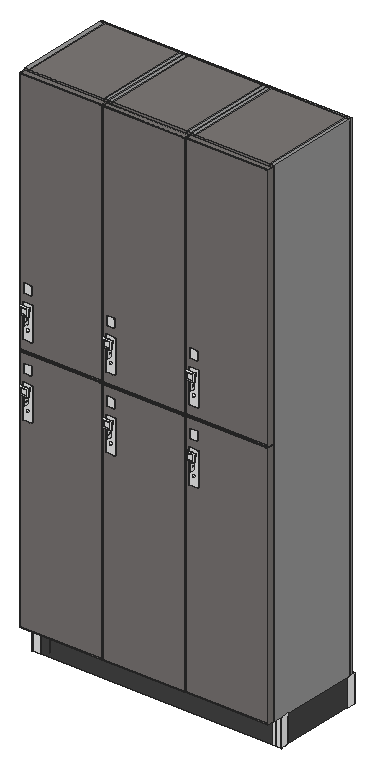
Revit family "Wood_Lockers_Hasps-Salsbury_Industries-42000_Series-3_Wide_Units.rfa", category Specialty Equipment, Revit 2016 (continued)
Definition of nested family "Premier Locker Doors_Hasp"
  Lines and regions (in)
    symbolic lines
      curve 35: arc (-5.5625, -1.125, 33.5625) -> (-5.52589, -1.125, 33.47411) -> (-5.4375, -1.125, 33.4375) r 0.125
      curve 36: line (-4.1875, -1.125, 33.4375) -> (-5.4375, -1.125, 33.4375)
      curve 37: arc (-4.6245, -1.125, 36.6245) -> (-4.8125, -1.125, 36.8125) -> (-5.0005, -1.125, 36.6245) r 0.188
      curve 38: arc (-5.0005, -1.125, 35.7505) -> (-4.8125, -1.125, 35.5625) -> (-4.6245, -1.125, 35.7505) r 0.188
      curve 39: line (-4.6245, -1.125, 36.6245) -> (-4.6245, -1.125, 35.7505)
      curve 40: line (-5.0005, -1.125, 35.7505) -> (-5.0005, -1.125, 36.6245)
      curve 41: line (-4.1875, -1.125, 36.9375) -> (-5.4375, -1.125, 36.9375)
      curve 42: line (-4.1875, -1.125, 38.1875) -> (-4.1875, -1.125, 36.9375)
      curve 43: line (-5.4375, -1.125, 36.9375) -> (-5.4375, -1.125, 38.1875)
      curve 44: line (-5.4375, -1.125, 38.1875) -> (-4.1875, -1.125, 38.1875)
      curve 45: line (-4.8755, -1.125, 36.6844) -> (-4.7495, -1.125, 36.6844)
      curve 46: line (-4.7495, -1.125, 36.6844) -> (-4.7495, -1.125, 35.6844)
      curve 47: line (-4.8755, -1.125, 35.6844) -> (-4.8755, -1.125, 36.6844)
      curve 48: line (-4.7495, -1.125, 35.6844) -> (-4.8755, -1.125, 35.6844)
      curve 49: line (-4.8125, -1, 36.6844) -> (-4.8125, -0.375, 36.6844)
      curve 50: line (-4.8125, -1, 35.6844) -> (-4.8125, -1, 36.6844)
      curve 51: line (-4.8125, -0.375, 35.6844) -> (-4.8125, -1, 35.6844)
      curve 52: arc (-4.8125, -0.91637, 36.1844) -> (-4.8125, -0.66637, 36.4344) -> (-4.8125, -0.41637, 36.1844) r 0.25
      curve 53: arc (-4.8125, -0.41637, 36.1844) -> (-4.8125, -0.66637, 35.9344) -> (-4.8125, -0.91637, 36.1844) r 0.25
      curve 54: line (-4.8125, -0.375, 37.31817) -> (-4.8125, -0.61642, 37.31817)
      curve 55: arc (-4.8125, -0.77297, 37.19215) -> (-4.8125, -0.71691, 37.28275) -> (-4.8125, -0.61642, 37.31817) r 0.16024
      curve 56: arc (-4.8125, -0.97289, 36.9375) -> (-4.8125, -0.84441, 37.04244) -> (-4.8125, -0.77297, 37.19215) r 0.37946
      curve 57: spline (-4.8125, -1.121, 37.15954) -> (-4.8125, -1.11621, 37.12873) -> (-4.8125, -1.10963, 37.09911) -> (-4.8125, -1.10135, 37.07107) -> (-4.8125, -1.09147, 37.04495) -> (-4.8125, -1.0801, 37.02108) -> (-4.8125, -1.0674, 36.99975) -> (-4.8125, -1.05352, 36.98123) -> (-4.8125, -1.03864, 36.96575) -> (-4.8125, -1.02293, 36.95351) -> (-4.8125, -1.0066, 36.94465) -> (-4.8125, -0.98985, 36.93929) -> (-4.8125, -0.97289, 36.9375)
      curve 58: line (-4.8125, -1.125, 37.15954) -> (-4.8125, -1.125, 37.96546)
      curve 59: spline (-4.8125, -1.121, 37.96546) -> (-4.8125, -1.11621, 37.99627) -> (-4.8125, -1.10963, 38.02589) -> (-4.8125, -1.10135, 38.05393) -> (-4.8125, -1.09147, 38.08005) -> (-4.8125, -1.0801, 38.10392) -> (-4.8125, -1.0674, 38.12525) -> (-4.8125, -1.05352, 38.14377) -> (-4.8125, -1.03864, 38.15925) -> (-4.8125, -1.02293, 38.17149) -> (-4.8125, -1.0066, 38.18035) -> (-4.8125, -0.98985, 38.18571) -> (-4.8125, -0.97289, 38.1875)
      curve 60: arc (-4.8125, -0.97289, 38.1875) -> (-4.8125, -0.84441, 38.08256) -> (-4.8125, -0.77297, 37.93285) r 0.37946
      curve 61: arc (-4.8125, -0.77297, 37.93285) -> (-4.8125, -0.71691, 37.84225) -> (-4.8125, -0.61642, 37.80683) r 0.16024
      curve 62: line (-4.8125, -0.61642, 37.80683) -> (-4.8125, -0.375, 37.80683)
      curve 63: line (-5.05683, -0.61642, 71.625) -> (-5.05683, -0.375, 71.625)
      curve 64: arc (-5.18285, -0.77297, 71.625) -> (-5.09225, -0.71691, 71.625) -> (-5.05683, -0.61642, 71.625) r 0.16024
      curve 65: arc (-5.4375, -0.97289, 71.625) -> (-5.33256, -0.84441, 71.625) -> (-5.18285, -0.77297, 71.625) r 0.37946
      curve 66: line (-4.40954, -1.125, 71.625) -> (-5.21546, -1.125, 71.625)
      curve 67: spline (-4.40954, -1.121, 71.625) -> (-4.37873, -1.11621, 71.625) -> (-4.34911, -1.10963, 71.625) -> (-4.32107, -1.10135, 71.625) -> (-4.29495, -1.09147, 71.625) -> (-4.27108, -1.0801, 71.625) -> (-4.24975, -1.0674, 71.625) -> (-4.23123, -1.05352, 71.625) -> (-4.21575, -1.03864, 71.625) -> (-4.20351, -1.02293, 71.625) -> (-4.19465, -1.0066, 71.625) -> (-4.18929, -0.98985, 71.625) -> (-4.1875, -0.97289, 71.625)
      curve 68: arc (-4.1875, -0.97289, 71.625) -> (-4.29244, -0.84441, 71.625) -> (-4.44215, -0.77297, 71.625) r 0.37946
      curve 69: arc (-4.44215, -0.77297, 71.625) -> (-4.53275, -0.71691, 71.625) -> (-4.56817, -0.61642, 71.625) r 0.16024
      curve 70: line (-4.56817, -0.375, 71.625) -> (-4.56817, -0.61642, 71.625)
      curve 71: spline (-5.21546, -1.121, 71.625) -> (-5.24627, -1.11621, 71.625) -> (-5.27589, -1.10963, 71.625) -> (-5.30393, -1.10135, 71.625) -> (-5.33005, -1.09147, 71.625) -> (-5.35392, -1.0801, 71.625) -> (-5.37525, -1.0674, 71.625) -> (-5.39377, -1.05352, 71.625) -> (-5.40925, -1.03864, 71.625) -> (-5.42149, -1.02293, 71.625) -> (-5.43035, -1.0066, 71.625) -> (-5.43571, -0.98985, 71.625) -> (-5.4375, -0.97289, 71.625)
    reference lines
      curve 72: line (-5.9375, 0, 71.75) -> (5.3435, 0, 71.75)
      curve 73: line (5.3435, 0, 71.75) -> (-5.9375, 0, 71.75)
  Dimensions and locks (in)
    equal spacing: plane 4 "Left Side of Door", plane 3 "Center (Left/Right)", plane 5 "Right Side of Door"
    "Width": plane 4 "Left Side of Door" to plane 5 "Right Side of Door"
    equal spacing: plane 7 "Front of Door", plane 1 "Center (Front/Back)", plane 6 "Back of Door"
    "Depth": plane 7 "Front of Door" to plane 6 "Back of Door"
    equal spacing: plane 9 "Top of Door", plane 10 "Center of Door", plane 8 "Bottom of Door"
    "Height": plane 9 "Top of Door" to plane 8 "Bottom of Door"
    equal spacing: plane 11 "Top of Number Tag", plane 16 "Center of Number Tag", plane 12 "Bottom of Number Tag"
    "Number Tag Height": plane 11 "Top of Number Tag" to plane 12 "Bottom of Number Tag"
    equal spacing: plane 14 "Right Side of Number Tag", plane 15 "Horizontal Center of Number Tag", plane 13 "Left Side of Number Tag"
    "Number Tag Width": plane 14 "Right Side of Number Tag" to plane 13 "Left Side of Number Tag"
    "Number Tag-Horizontal Offset": plane 15 "Horizontal Center of Number Tag" to plane 5 "Right Side of Door"
    "Number Tag-Vertical Offset": plane 9 "Top of Door" to plane 16 "Center of Number Tag"
    "Lock Horizontal Offset": plane 4 "Left Side of Door" to plane 17 "Left Side of Lock"
    equal spacing: plane 20 "Top of Lock", plane 19 "Lock Vertical Center", plane 21 "Bottom of Lock"
    "Lock Height": plane 20 "Top of Lock" to plane 21 "Bottom of Lock"
    "Lock Vertical Offset": plane 9 "Top of Door" to plane 19 "Lock Vertical Center"
    plane 22 "Front of Hasp Stud" to plane 7 "Front of Door" = 0.125"
    locked: plane 24 "Right Side of Door-Left Side of Trim" to plane 5 "Right Side of Door" at 0.125
    locked: plane 4 "Left Side of Door" to plane 23 "Left Side of Door-Right Side of Trim" at 0.125
    locked: plane 9 "Top of Door" to plane 25 "Top of Door-Bottom of Trim" at 0.125
    plane 26 "Bottom of Door-Top of Trim" to plane 8 "Bottom of Door" = 0.125"
    plane 28 "Melamine-Particleboard Line" to plane 6 "Back of Door" = 0.031"
    plane 7 "Front of Door" to plane 27 "Laminate-Particleboard Line" = 0.031"
    plane 27 "Laminate-Particleboard Line" to plane 29 "Back of Number Plate Inset" = 0.031"
    equal spacing: plane 18 "Right Side of Lock", plane 30 "Center of Lock", plane 17 "Left Side of Lock", locked at 0.75 each
    "Lock Width": plane 18 "Right Side of Lock" to plane 17 "Left Side of Lock"
    plane 22 "Front of Hasp Stud" to plane 31 = 0.312"
    plane 6 "Back of Door" to plane 32 "Door Stopper Plane" = 0.250"
    locked: plane 23 "Left Side of Door-Right Side of Trim" to plane 33 at 0.325
    locked: plane 25 "Top of Door-Bottom of Trim" to plane 34 at 0.325
    locked: plane 9 "Top of Door" to plane 35 "Top Hinge" at 3
    plane 36 to plane 5 "Right Side of Door" = 0.625"
    plane 6 "Back of Door" to plane 28 "Melamine-Particleboard Line" = 0.031"
    plane 9 "Top of Door" to plane 25 "Top of Door-Bottom of Trim" = 0.125"
    plane 7 "Front of Door" to plane 38 "Inner Knob" = 0.719"
    locked: plane 38 "Inner Knob" to plane 39 "Front of Knob" at 0.031
    locked: plane 40 to plane 20 "Top of Lock" at 1.125
    locked: plane 21 "Bottom of Lock" to plane 41 at 1.125
    locked: plane 20 "Top of Lock" to plane 42 at 0.125
    locked: plane 18 "Right Side of Lock" to plane 43 at 0.125
    locked: plane 44 to plane 17 "Left Side of Lock" at 0.125
    plane 42 to plane 45 = 1.250"
    locked: plane 45 to plane 46 "Top of Hole" at 0.125
    plane 48 to plane 30 "Center of Lock" to plane 47 = 0.188" locked, 0.188" locked
    locked: plane 46 "Top of Hole" to plane 49 "Bottom of Hole" at 1.25
    plane 49 "Bottom of Hole" to plane 50 "Stud Alignment" = 0.750"
    locked: plane 42 to plane 51 "Center of Handle" at 0.625
    plane 52 to plane 51 "Center of Handle" to plane 53 = 0.188" locked, 0.188" locked
    plane 7 "Front of Door" to plane 39 "Front of Knob" = 0.750"
    locked: plane 42 to plane 54 at 0.22204
    locked: plane 55 to plane 45 at 0.22204
    locked: plane 7 "Front of Door" to plane 56 "Front of Latch" at 0.625
    locked: plane 57 to plane 58 at 1
    locked: plane 46 "Top of Hole" to plane 57 at 0.1281
    equal spacing: plane 58, plane 59, plane 57
    locked: plane 60 to plane 5 "Right Side of Door" at 0.594
    locked: plane 57 to plane 61 at 0.0599
    locked: plane 62 to plane 58 at 0.06376
    plane 12 "Bottom of Number Tag" to plane 20 "Top of Lock" = 1.1875"
    aligned and locked: level to plane 2
    aligned and locked: Extrusion 5 to plane 11 "Top of Number Tag"
    aligned and locked: plane 12 "Bottom of Number Tag" to Extrusion 5
    aligned and locked: Extrusion 5 to plane 14 "Right Side of Number Tag"
    aligned and locked: Extrusion 5 to plane 13 "Left Side of Number Tag"
    aligned and locked: plane 29 "Back of Number Plate Inset" to Extrusion 5
    aligned and locked: plane 7 "Front of Door" to Extrusion 5
    aligned and locked: plane 29 "Back of Number Plate Inset" to Extrusion 6
    aligned and locked: plane 7 "Front of Door" to Extrusion 6
    aligned and locked: Extrusion 6 to plane 14 "Right Side of Number Tag"
    aligned and locked: Extrusion 6 to plane 13 "Left Side of Number Tag"
    aligned and locked: Extrusion 6 to plane 11 "Top of Number Tag"
    aligned and locked: plane 12 "Bottom of Number Tag" to Extrusion 6
    aligned and locked: curve 9 to Extrusion 8
    aligned and locked: curve 10 to Extrusion 8
    aligned and locked: curve 11 to Extrusion 8
    aligned and locked: Extrusion 7 to curve 12
    aligned and locked: curve 14 to Extrusion 7
    aligned and locked: curve 16 to plane 7 "Front of Door"
    aligned and locked: curve 19 to Extrusion 8  (x2)
    aligned and locked: curve 21 to Extrusion 8
    aligned and locked: curve 18 to curve 22
    aligned and locked: curve 22 to Extrusion 9  (x2)
    aligned and locked: curve 24 to Extrusion 9
    aligned and locked: curve 25 to Extrusion 10
    aligned and locked: curve 26 to Extrusion 10
    aligned and locked: curve 27 to Extrusion 10
    aligned and locked: plane 20 "Top of Lock" to Extrusion 11 sketch curve
    aligned and locked: Extrusion 11 sketch curve to plane 21 "Bottom of Lock"
    aligned and locked: Extrusion 11 to plane 29 "Back of Number Plate Inset"
    aligned and locked: plane 7 "Front of Door" to Extrusion 11
    aligned and locked: Extrusion 3 to Extrusion 11
    aligned and locked: plane 50 "Stud Alignment" to Sweep 14  (x2)
    aligned and locked: Extrusion 15 to plane 7 "Front of Door"
    aligned and locked: Extrusion 15 to plane 22 "Front of Hasp Stud"
    aligned and locked: plane 50 "Stud Alignment" to Extrusion 15
    aligned and locked: Blend 17 to plane 39 "Front of Knob"
    aligned and locked: plane 38 "Inner Knob" to Blend 17
    aligned and locked: plane 6 "Back of Door" to Extrusion 18 sketch curve
    aligned and locked: plane 56 "Front of Latch" to Extrusion 18 sketch curve
    aligned and locked: Extrusion 18 to plane 57
    aligned and locked: plane 58 to Extrusion 18
    aligned and locked: plane 59 to cut or joined group of Extrusion 18, Extrusion 19
    aligned and locked: plane 61 to Extrusion 13 sketch curve  (x2)
    aligned and locked: plane 62 to Extrusion 13 sketch curve  (x2)
  Automatic sketch dimensions
    Extrusion 1 sketch curve to plane 4 "Left Side of Door" = 0.031"
    plane 5 "Right Side of Door" to Extrusion 1 sketch curve = 0.031"
    level to Extrusion 1 sketch curve = 0.031"
    plane 9 "Top of Door" to Extrusion 1 sketch curve = 0.031"
    Extrusion 2 sketch curve to plane 4 "Left Side of Door" = 0.031"
    plane 5 "Right Side of Door" to Extrusion 2 sketch curve = 0.031"
    level to Extrusion 2 sketch curve = 0.031"
    plane 9 "Top of Door" to Extrusion 2 sketch curve = 0.031"
    Extrusion 3 sketch curve to plane 4 "Left Side of Door" = 0.031"
    plane 5 "Right Side of Door" to Extrusion 3 sketch curve = 0.031"
    level to Extrusion 3 sketch curve = 0.031"
    plane 9 "Top of Door" to Extrusion 3 sketch curve = 0.031"
    plane 23 "Left Side of Door-Right Side of Trim" to Sweep 4 sketch curve = 0.000"
    plane 24 "Right Side of Door-Left Side of Trim" to Sweep 4 sketch curve = 0.000"  (x2)
    Sweep 4 sketch curve to plane 26 "Bottom of Door-Top of Trim" = 0.000"
    Sweep 4 sketch curve to plane 25 "Top of Door-Bottom of Trim" = 0.000"
    profile plane to Sweep 4 sketch curve = 0.125"
    Sweep 4 sketch curve to Sweep 4 sketch curve = 0.031"
    Sweep 4 sketch curve to plane 1 "Center (Front/Back)" = 0.375"
    plane 1 "Center (Front/Back)" to Sweep 4 sketch curve = 0.375"
    Extrusion 7 sketch curve to plane 33 = 0.000"
    Extrusion 7 sketch curve to plane 34 = 0.000"
    plane 36 to Extrusion 8 sketch curve = 0.000"
    Extrusion 8 sketch curve to Extrusion 8 sketch curve = 0.500"
    plane 35 "Top Hinge" to Extrusion 8 sketch curve = 0.250"
    Extrusion 8 sketch curve to plane 35 "Top Hinge" = 0.250"
    plane 36 to Extrusion 9 sketch curve = 0.000"
    Extrusion 9 sketch curve to Extrusion 9 sketch curve = 0.500"
    plane 37 "Bottom Hinge" to Extrusion 9 sketch curve = 0.250"
    Extrusion 9 sketch curve to plane 37 "Bottom Hinge" = 0.250"
    plane 36 to Extrusion 10 sketch curve = 0.000"
    Extrusion 10 sketch curve to Extrusion 10 sketch curve = 0.500"
    curve 4 to level = 0.000"
    plane 4 "Left Side of Door" to curve 4 = 0.000"
    plane 5 "Right Side of Door" to curve 3 = 0.000"
    curve 3 to plane 9 "Top of Door" = 0.000"
    Extrusion 5 sketch curve to plane 13 "Left Side of Number Tag" = 0.000"
    Extrusion 5 sketch curve to plane 12 "Bottom of Number Tag" = 0.000"
    Extrusion 5 sketch curve to plane 11 "Top of Number Tag" = 0.000"
    Extrusion 5 sketch curve to plane 14 "Right Side of Number Tag" = 0.000"
    Extrusion 6 sketch curve to plane 13 "Left Side of Number Tag" = 0.000"
    Extrusion 6 sketch curve to plane 12 "Bottom of Number Tag" = 0.000"
    Extrusion 6 sketch curve to plane 11 "Top of Number Tag" = 0.000"
    Extrusion 6 sketch curve to plane 14 "Right Side of Number Tag" = 0.000"
    Extrusion 11 sketch curve to plane 13 "Left Side of Number Tag" = 0.125"
    Extrusion 10 sketch curve to plane 10 "Center of Door" = 0.250"
    plane 10 "Center of Door" to Extrusion 10 sketch curve = 0.250"
    Extrusion 11 sketch curve to plane 21 "Bottom of Lock" = 0.125"
    plane 13 "Left Side of Number Tag" to Extrusion 5 sketch curve = 0.14916"
    Extrusion 5 sketch curve to Extrusion 5 sketch curve = 0.14916"  (x2)
    plane 13 "Left Side of Number Tag" to Extrusion 6 sketch curve = 0.14916"
    Extrusion 6 sketch curve to plane 12 "Bottom of Number Tag" = 0.14916"
    plane 13 "Left Side of Number Tag" to Extrusion 11 sketch curve = 0.000"  (x2)
    Extrusion 5 sketch curve to plane 12 "Bottom of Number Tag" = 0.14916"
    Extrusion 6 sketch curve to plane 14 "Right Side of Number Tag" = 0.14916"  (x2)
    plane 14 "Right Side of Number Tag" to Extrusion 11 sketch curve = 0.000"  (x2)
    Extrusion 12 sketch curve to plane 17 "Left Side of Lock" = 0.000"
    plane 13 "Left Side of Number Tag" to Extrusion 12 sketch curve = 0.000"  (x2)
    plane 14 "Right Side of Number Tag" to Extrusion 12 sketch curve = 0.000"  (x2)
    Extrusion 12 sketch curve to plane 20 "Top of Lock" = 0.000"
    Extrusion 12 sketch curve to plane 18 "Right Side of Lock" = 0.000"
    Extrusion 12 sketch curve to plane 21 "Bottom of Lock" = 0.125"
    plane 15 "Horizontal Center of Number Tag" to Sweep 14 sketch curve = 0.000"
    Sweep 14 sketch curve to plane 50 "Stud Alignment" = 0.000"
    Sweep 14 sketch curve to plane 7 "Front of Door" = 0.000"
    Sweep 14 sketch curve to profile plane = 0.000"
    profile plane to Sweep 14 sketch curve = 0.00168"
    profile plane to Sweep 14 sketch curve = 0.156"
    Sweep 14 sketch curve to plane 7 "Front of Door" = 0.03275"
    Extrusion 15 sketch curve to Extrusion 15 sketch curve = 0.000"  (x2)
    Extrusion 15 sketch curve to plane 50 "Stud Alignment" = 0.000"
    plane 15 "Horizontal Center of Number Tag" to Extrusion 15 sketch curve = 0.000"
    plane 15 "Horizontal Center of Number Tag" to Extrusion 15 sketch curve = 0.010"
    plane 13 "Left Side of Number Tag" to Sweep 16 sketch curve = 0.000"
    plane 14 "Right Side of Number Tag" to Sweep 16 sketch curve = 0.000"
    Sweep 16 sketch curve to plane 45 = 0.000"
    Sweep 16 sketch curve to plane 42 = 0.000"
    Sweep 16 sketch curve to plane 7 "Front of Door" = 0.000"
    profile plane to Sweep 16 sketch curve = 0.000"
    profile plane to Sweep 16 sketch curve = 0.22043"
    Sweep 16 sketch curve to Sweep 16 sketch curve = 0.01681"
    profile plane to Sweep 16 sketch curve = 0.33926"
    Sweep 16 sketch curve to Sweep 16 sketch curve = 0.14344"
    Sweep 16 sketch curve to Sweep 16 sketch curve = 0.15329"
    Sweep 16 sketch curve to Sweep 16 sketch curve = 0.59563"
    Sweep 16 sketch curve to Sweep 16 sketch curve = 0.24142"
    Sweep 16 sketch curve to Sweep 16 sketch curve = 0.00858"
    Sweep 16 sketch curve to Sweep 16 sketch curve = 0.51788"
    Sweep 16 sketch curve to Sweep 16 sketch curve = 0.31119"
    Sweep 16 sketch curve to Sweep 16 sketch curve = 0.11721"
    Sweep 16 sketch curve to Sweep 16 sketch curve = 0.01742"
    Sweep 16 sketch curve to Sweep 16 sketch curve = 0.06553"
    Sweep 16 sketch curve to Sweep 16 sketch curve = 0.000"
    Blend 17 sketch curve to plane 54 = 0.000"
    Blend 17 sketch curve to plane 55 = 0.000"
    Blend 17 sketch curve to plane 47 = 0.21496"
    plane 48 to Blend 17 sketch curve = 0.21496"
    plane 54 to Blend 17 sketch curve = 0.03267"
    Blend 17 sketch curve to plane 40 = 0.00461"
    Blend 17 sketch curve to plane 47 = 0.18235"
    plane 48 to Blend 17 sketch curve = 0.18227"
    Extrusion 18 sketch curve to plane 57 = 0.000"
    Extrusion 18 sketch curve to plane 58 = 0.000"
    plane 59 to Extrusion 19 sketch curve = 0.000"
    Extrusion 19 sketch curve to plane 22 "Front of Hasp Stud" = 0.16637"
    curve 29 to plane 14 "Right Side of Number Tag" = 0.000"
    curve 29 to plane 20 "Top of Lock" = 0.000"
    curve 30 to plane 18 "Right Side of Lock" = 0.000"
    curve 29 to plane 13 "Left Side of Number Tag" = 0.000"
    curve 31 to plane 42 = 0.000"
    curve 32 to plane 21 "Bottom of Lock" = 0.125"
    curve 34 to plane 14 "Right Side of Number Tag" = 0.000"
    curve 35 to plane 13 "Left Side of Number Tag" = 0.000"
    plane 15 "Horizontal Center of Number Tag" to curve 37 = 0.000"
    plane 47 to curve 37 = 0.000"
    plane 57 to curve 37 = 0.0599"
    curve 39 to plane 58 = 0.0661"
    curve 42 to plane 14 "Right Side of Number Tag" = 0.000"
    curve 41 to plane 13 "Left Side of Number Tag" = 0.000"
    curve 41 to plane 45 = 0.000"
    curve 43 to plane 42 = 0.000"
    curve 46 to plane 57 = 0.000"
    curve 46 to plane 15 "Horizontal Center of Number Tag" = 0.063"
    plane 15 "Horizontal Center of Number Tag" to curve 45 = 0.063"
    curve 47 to plane 58 = 0.000"
    curve 15 to plane 6 "Back of Door" = 0.000"
    plane 9 "Top of Door" to curve 15 = 0.000"
    plane 57 to curve 49 = 0.000"
    curve 51 to plane 56 "Front of Latch" = 0.000"
    plane 58 to curve 51 = 0.000"
    curve 17 to level = 0.000"
    plane 59 to curve 52 = 0.000"
    curve 53 to plane 22 "Front of Hasp Stud" = 0.16637"
    plane 7 "Front of Door" to curve 53 = 0.04137"
    plane 53 to curve 54 = 0.05633"
    curve 54 to plane 22 "Front of Hasp Stud" = 0.11642"
    plane 55 to curve 55 = 0.00161"
    curve 55 to plane 40 = 0.00465"
    plane 45 to curve 56 = 0.000"
    curve 56 to plane 39 "Front of Knob" = 0.01788"
    curve 56 to plane 40 = 0.08926"
    plane 55 to curve 57 = 0.000"
    curve 57 to plane 40 = 0.03757"
    plane 39 "Front of Knob" to curve 57 = 0.004"
    plane 42 to curve 60 = 0.000"
    curve 58 to plane 39 "Front of Knob" = 0.000"
    plane 54 to curve 58 = 0.000"
    plane 54 to curve 59 = 0.000"
    plane 55 to curve 58 = 0.000"
    curve 60 to plane 39 "Front of Knob" = 0.01788"
    curve 60 to plane 52 = 0.09774"
    plane 54 to curve 60 = 0.03261"
    plane 56 "Front of Latch" to curve 59 = 0.02711"
    plane 54 to curve 59 = 0.06553"
    plane 39 "Front of Knob" to curve 59 = 0.004"
    curve 61 to plane 54 = 0.00161"
    curve 61 to plane 22 "Front of Hasp Stud" = 0.11642"
    plane 6 "Back of Door" to curve 9 = 0.000"
    curve 6 to plane 4 "Left Side of Door" = 0.000"
    plane 7 "Front of Door" to curve 6 = 0.000"
    plane 7 "Front of Door" to curve 28 = 0.000"
    curve 67 to plane 14 "Right Side of Number Tag" = 0.000"
    curve 65 to plane 13 "Left Side of Number Tag" = 0.000"
    curve 66 to plane 39 "Front of Knob" = 0.000"
    curve 28 to plane 17 "Left Side of Lock" = 0.000"
    curve 28 to plane 18 "Right Side of Lock" = 0.000"
    curve 8 to plane 5 "Right Side of Door" = 0.000"
    curve 64 to plane 22 "Front of Hasp Stud" = 0.11642"
    curve 69 to plane 22 "Front of Hasp Stud" = 0.11642"
    curve 68 to plane 39 "Front of Knob" = 0.01788"
    curve 65 to plane 39 "Front of Knob" = 0.01788"
    curve 14 to plane 23 "Left Side of Door-Right Side of Trim" = 0.07537"
    plane 48 to curve 64 = 0.21657"
    plane 48 to curve 65 = 0.09774"
    plane 48 to curve 63 = 0.05633"
    curve 70 to plane 47 = 0.05633"
    curve 68 to plane 47 = 0.09774"
    curve 69 to curve 69 = 0.16024"
    curve 64 to curve 65 = 0.15655"
    curve 69 to curve 68 = 0.15655"
    plane 39 "Front of Knob" to curve 67 = 0.004"
    plane 33 to curve 14 = 0.250"
    curve 66 to curve 65 = 0.11721"
    curve 67 to plane 47 = 0.14943"
    curve 68 to curve 66 = 0.11721"
    curve 67 to curve 66 = 0.000"
    plane 39 "Front of Knob" to curve 71 = 0.004"
    curve 71 to curve 66 = 0.000"
    plane 48 to curve 71 = 0.14943"
    plane 1 "Center (Front/Back)" to curve 73 = 0.000"
    curve 73 to plane 4 "Left Side of Door" = 0.000"
    curve 73 to plane 60 = 0.000"
    plane 48 to Extrusion 13 sketch curve = 0.000"
    plane 15 "Horizontal Center of Number Tag" to Extrusion 13 sketch curve = 0.000"
    radius of Extrusion 7 sketch curve = 0.250"
    radius of Sweep 14 sketch curve = 0.010"
    radius of Extrusion 19 sketch curve = 0.250"
Definition of nested family "Wood Locker Bases"
  Parameters (values of type "Base - 36" W x 15" D Lockers")
    Width = 36.000"
    Visible Base = yes
    Visible = yes
    Model = "Base - 36\" W x 15\" D Lockers"
    Manufacturer = "Salsbury Industries"
    Height = 4.000"
    Depth = 13.250"
    Base Secondary Material = none
    Base Primary Materials = none
    Base Hardware = none
  Types (14): name | Width | Visible Base | Visible | Model | Depth
    (no name) | 36.000" | yes | yes | "Base - 36\" W x 15\" D Lockers" | 13.250"
    Base - 12" W x 15" D Lockers | 12.000" | yes | no | "Base - 12\" W x 15\" D Lockers" | 13.250"
    Base - 12" W x 18" D Lockers | 12.000" | yes | no | "Base - 12\" W x 18\" D Lockers" | 16.250"
    Base - 12" W x 21" D Lockers | 12.000" | yes | no | "Base - 12\" W x 21\" D Lockers" | 19.250"
    Base - 36" W x 15" D Lockers | 36.000" | yes | yes | "Base - 36\" W x 15\" D Lockers" | 13.250"
    Base - 36" W x 18" D Lockers | 36.000" | yes | yes | "Base - 36\" W x 18\" D Lockers" | 16.250"
    Base - 36" W x 21" D Lockers | 36.000" | yes | yes | "Base - 36\" W x 21\" D Lockers" | 19.250"
    Base - 15" W x 18" D Lockers | 15.000" | yes | no | "Base - 15\" W x 18\" D Lockers" | 16.250"
    Base - 15" W x 21" D Lockers | 15.000" | yes | no | "Base - 15\" W x 21\" D Lockers" | 19.250"
    Base - 15" W x 24" D Lockers | 15.000" | yes | no | "Base - 15\" W x 24\" D Lockers" | 22.250"
    Base - 45" W x 18" D Lockers | 45.000" | yes | yes | "Base - 45\" W x 18\" D Lockers" | 16.250"
    Base - 45" W x 21" D Lockers | 45.000" | yes | yes | "Base - 45\" W x 21\" D Lockers" | 19.250"
    Base - 45" W x 24" D Lockers | 45.000" | yes | yes | "Base - 45\" W x 24\" D Lockers" | 22.250"
    None | 12.000" | no | no | "Base - 12\" W x 15\" D Lockers" | 13.250"
  Reference planes (in)
    plane 1 "Center (Front/Back)": y = 0
    plane 2: z = 0
    plane 3 "Center (Left/Right)": x = 0
    plane 4 "Left Edge": x = -18
    plane 5 "Right Edge": x = 18
    plane 6 "Back Edge": y = 6.625
    plane 7 "Front Edge": y = -6.625
    plane 8 "Bottom Edge": z = 0
    plane 9 "Top Edge": z = 4
    plane 10: x = -16.75
    plane 11: x = -16.102
    plane 12: y = 6.562
    plane 13: y = 5.8
    plane 14: x = -17.131
    plane 15: x = -17.256
    plane 16: x = -17.937
    plane 17: x = -17.175
    plane 18: y = 4.727
    plane 19: y = 5.375
    plane 20: y = 5.756
    plane 21: y = 5.881
    plane 22: x = -17.931
    plane 23: x = 17.931
    plane 24: y = 6.556
    plane 25: y = -6.556
    plane 26: y = 6.525
    plane 27: y = -6.525
    plane 28: x = -17.9
    plane 29: x = 17.9
    plane 30: x = -2.375
    plane 31: x = 2.375
  Forms (in)
    Extrusion 1, solid, material <- "Base Hardware", visible <- "Visible Base"
      sketch origin (0, 0, 0) x (1, 0, 0) y (0, 1, 0)
        loop
          arc (-17.96712, 6.625) -> (-17.99098, 6.61598) -> (-18, 6.59212) r 0.031
          line (-18, 6.59212) -> (-18, 5.4065)
          arc (-18, 5.4065) -> (-17.9685, 5.375) -> (-17.937, 5.4065) r 0.0315
          line (-17.937, 5.4065) -> (-17.937, 5.756) -> (-17.837, 5.756) -> (-17.837, 5.819) -> (-17.937, 5.819) -> (-17.937, 6.51465) -> (-17.256, 5.83365) -> (-17.256, 5.756) -> (-17.175, 5.756) -> (-17.175, 4.75833)
          arc (-17.175, 4.75833) -> (-17.14367, 4.727) -> (-17.11235, 4.75833) r 0.03133
          line (-17.11235, 4.75833) -> (-17.11235, 5.73703) -> (-16.13348, 5.73703)
          arc (-16.13348, 5.73703) -> (-16.102, 5.76852) -> (-16.13348, 5.8) r 0.03148
          line (-16.13348, 5.8) -> (-17.131, 5.8) -> (-17.131, 5.881) -> (-17.21422, 5.881) -> (-17.89522, 6.562) -> (-17.194, 6.562) -> (-17.194, 6.462) -> (-17.131, 6.462) -> (-17.131, 6.562) -> (-16.7814, 6.562)
          arc (-16.7814, 6.562) -> (-16.7499, 6.5935) -> (-16.7814, 6.625) r 0.0315
          line (-16.7814, 6.625) -> (-17.96712, 6.625)
      from 0 to 4
    Extrusion 2, solid, material <- "Base Hardware", visible <- "Visible Base"
      sketch origin (0, 0, 0) x (-1, 0, 0) y (0, -1, 0)
        loop
          line (-17.96712, -6.625) -> (-16.7814, -6.625)
          arc (-16.7814, -6.625) -> (-16.7499, -6.5935) -> (-16.7814, -6.562) r 0.0315
          line (-16.7814, -6.562) -> (-17.131, -6.562) -> (-17.131, -6.462) -> (-17.194, -6.462) -> (-17.194, -6.562) -> (-17.89522, -6.562) -> (-17.21422, -5.881) -> (-17.131, -5.881) -> (-17.131, -5.8) -> (-16.13348, -5.8)
          arc (-16.13348, -5.8) -> (-16.102, -5.76852) -> (-16.13348, -5.73703) r 0.03148
          line (-16.13348, -5.73703) -> (-17.11235, -5.73703) -> (-17.11235, -4.75833)
          arc (-17.11235, -4.75833) -> (-17.14367, -4.727) -> (-17.175, -4.75833) r 0.03133
          line (-17.175, -4.75833) -> (-17.175, -5.756) -> (-17.256, -5.756) -> (-17.256, -5.83365) -> (-17.937, -6.51465) -> (-17.937, -5.819) -> (-17.837, -5.819) -> (-17.837, -5.756) -> (-17.937, -5.756) -> (-17.937, -5.4065)
          arc (-17.937, -5.4065) -> (-17.9685, -5.375) -> (-18, -5.4065) r 0.0315
          line (-18, -5.4065) -> (-18, -6.59212)
          arc (-18, -6.59212) -> (-17.99098, -6.61598) -> (-17.96712, -6.625) r 0.031
      from 0 to 4
    Extrusion 3, solid, material <- "Base Hardware", visible <- "Visible Base"
      sketch origin (0, 0, 0) x (1, 0, 0) y (0, 1, 0)
        loop
          line (-17.96712, -6.625) -> (-16.7814, -6.625)
          arc (-16.7814, -6.625) -> (-16.7499, -6.5935) -> (-16.7814, -6.562) r 0.0315
          line (-16.7814, -6.562) -> (-17.131, -6.562) -> (-17.131, -6.462) -> (-17.194, -6.462) -> (-17.194, -6.562) -> (-17.89522, -6.562) -> (-17.21422, -5.881) -> (-17.131, -5.881) -> (-17.131, -5.8) -> (-16.13348, -5.8)
          arc (-16.13348, -5.8) -> (-16.102, -5.76852) -> (-16.13348, -5.73703) r 0.03148
          line (-16.13348, -5.73703) -> (-17.11235, -5.73703) -> (-17.11235, -4.75833)
          arc (-17.11235, -4.75833) -> (-17.14367, -4.727) -> (-17.175, -4.75833) r 0.03133
          line (-17.175, -4.75833) -> (-17.175, -5.756) -> (-17.256, -5.756) -> (-17.256, -5.83365) -> (-17.937, -6.51465) -> (-17.937, -5.819) -> (-17.837, -5.819) -> (-17.837, -5.756) -> (-17.937, -5.756) -> (-17.937, -5.4065)
          arc (-17.937, -5.4065) -> (-17.9685, -5.375) -> (-18, -5.4065) r 0.0315
          line (-18, -5.4065) -> (-18, -6.59212)
          arc (-18, -6.59212) -> (-17.99098, -6.61598) -> (-17.96712, -6.625) r 0.031
      from 0 to 4
    Extrusion 4, solid, material <- "Base Hardware", visible <- "Visible Base"
      sketch origin (0, 0, 0) x (-1, 0, 0) y (0, -1, 0)
        loop
          arc (-17.96712, 6.625) -> (-17.99098, 6.61598) -> (-18, 6.59212) r 0.031
          line (-18, 6.59212) -> (-18, 5.4065)
          arc (-18, 5.4065) -> (-17.9685, 5.375) -> (-17.937, 5.4065) r 0.0315
          line (-17.937, 5.4065) -> (-17.937, 5.756) -> (-17.837, 5.756) -> (-17.837, 5.819) -> (-17.937, 5.819) -> (-17.937, 6.51465) -> (-17.256, 5.83365) -> (-17.256, 5.756) -> (-17.175, 5.756) -> (-17.175, 4.75833)
          arc (-17.175, 4.75833) -> (-17.14367, 4.727) -> (-17.11235, 4.75833) r 0.03133
          line (-17.11235, 4.75833) -> (-17.11235, 5.73703) -> (-16.13348, 5.73703)
          arc (-16.13348, 5.73703) -> (-16.102, 5.76852) -> (-16.13348, 5.8) r 0.03148
          line (-16.13348, 5.8) -> (-17.131, 5.8) -> (-17.131, 5.881) -> (-17.21422, 5.881) -> (-17.89522, 6.562) -> (-17.194, 6.562) -> (-17.194, 6.462) -> (-17.131, 6.462) -> (-17.131, 6.562) -> (-16.7814, 6.562)
          arc (-16.7814, 6.562) -> (-16.7499, 6.5935) -> (-16.7814, 6.625) r 0.0315
          line (-16.7814, 6.625) -> (-17.96712, 6.625)
      from 0 to 4
    Extrusion 5, solid, material <- "Base Secondary Material", visible <- "Visible Base"
      sketch origin (0, 0, 0) x (0, -1, 0) y (1, 0, 0)
        loop
          line (-5.756, 17.9) -> (-5.756, 17.181) -> (5.75697, 17.181) -> (5.75697, 17.9) -> (-5.756, 17.9)
      from 0 to 4
    Extrusion 6, solid, material <- "Base Secondary Material", visible <- "Visible Base"
      sketch origin (0, 0, 0) x (0, -1, 0) y (1, 0, 0)
        loop
          line (-5.756, -17.9) -> (5.75697, -17.9) -> (5.75697, -17.181) -> (-5.756, -17.181) -> (-5.756, -17.9)
      from 0 to 4
    Extrusion 7, solid, material <- "Base Secondary Material", visible <- "Visible Base"
      sketch origin (-2.05521, 0.625, 0) x (1, 0, 0) y (0, 1, 0)
        loop
          line (-15.07579, 5.9) -> (-15.07579, 5.181) -> (19.18621, 5.181) -> (19.18621, 5.9) -> (-15.07579, 5.9)
      from 0 to 4
    Extrusion 8, solid, material <- "Base Secondary Material", visible <- "Visible Base"
      sketch origin (-2.05521, -0.625, 0) x (1, 0, 0) y (0, 1, 0)
        loop
          line (-15.07579, -5.9) -> (19.18621, -5.9) -> (19.18621, -5.181) -> (-15.07579, -5.181) -> (-15.07579, -5.9)
      from 0 to 4
    Extrusion 9, solid, material <- "Base Primary Materials", visible <- "Visible Base"
      sketch origin (0.76452, 0, 0) x (0, -1, 0) y (1, 0, 0)
        loop
          line (-5.756, 17.16648) -> (-5.756, 17.13548) -> (5.75697, 17.13548) -> (5.75697, 17.16648) -> (-5.756, 17.16648)
      from 0 to 4
    Extrusion 10, solid, material <- "Base Primary Materials", visible <- "Visible Base"
      sketch origin (-0.719, 0, 0) x (0, -1, 0) y (1, 0, 0)
        loop
          line (-5.756, -17.212) -> (5.75697, -17.212) -> (5.75697, -17.181) -> (-5.756, -17.181) -> (-5.756, -17.212)
      from 0 to 4
    Extrusion 11, solid, material <- "Base Primary Materials", visible <- "Visible Base"
      sketch origin (-2.05521, 1.344, 0) x (1, 0, 0) y (0, 1, 0)
        loop
          line (-15.07579, 5.218) -> (-15.07579, 5.181) -> (19.18621, 5.181) -> (19.18621, 5.218) -> (-15.07579, 5.218)
      from 0 to 4
    Extrusion 12, solid, material <- "Base Primary Materials", visible <- "Visible Base"
      sketch origin (-2.05521, -1.344, 0) x (1, 0, 0) y (0, 1, 0)
        loop
          line (-15.07579, -5.212) -> (19.18621, -5.212) -> (19.18621, -5.181) -> (-15.07579, -5.181) -> (-15.07579, -5.212)
      from 0 to 4
    Extrusion 13, solid, material <- "Base Secondary Material", visible <- "Visible"
      sketch origin (0, 0, 4) x (0, -1, 0) y (1, 0, 0)
        loop
          line (-5.806, -2.375) -> (5.806, -2.375) -> (5.806, 2.375) -> (-5.806, 2.375) -> (-5.806, -2.375)
      from 0 to -0.75
    Extrusion 14, solid, material <- "Base Secondary Material", visible <- "Visible"
      sketch origin (0, 0, 0) x (0, -1, 0) y (1, 0, 0)
        loop
          line (-5.806, -2.375) -> (-5.056, -2.375) -> (-5.056, 2.375) -> (-5.806, 2.375) -> (-5.806, -2.375)
      from 0 to 3.25
    Extrusion 15, solid, material <- "Base Secondary Material", visible <- "Visible"
      sketch origin (0, 0, 0) x (0, 1, 0) y (-1, 0, 0)
        loop
          line (-5.806, 2.375) -> (-5.806, -2.375) -> (-5.056, -2.375) -> (-5.056, 2.375) -> (-5.806, 2.375)
      from 0 to 3.25
  Dimensions and locks (in)
    equal spacing: plane 4 "Left Edge", plane 3 "Center (Left/Right)", plane 5 "Right Edge"
    "Width": plane 4 "Left Edge" to plane 5 "Right Edge"
    equal spacing: plane 7 "Front Edge", plane 1 "Center (Front/Back)", plane 6 "Back Edge"
    "Depth": plane 7 "Front Edge" to plane 6 "Back Edge"
    "Height": plane 9 "Top Edge" to plane 8 "Bottom Edge"
    locked: plane 4 "Left Edge" to plane 10 at 1.25
    locked: plane 4 "Left Edge" to plane 11 at 1.898
    locked: plane 12 to plane 6 "Back Edge" at 0.063
    plane 14 to plane 10 = 0.381"
    locked: plane 12 to plane 13 at 0.762
    locked: plane 4 "Left Edge" to plane 16 at 0.063
    locked: plane 16 to plane 17 at 0.762
    locked: plane 19 to plane 6 "Back Edge" at 1.25
    locked: plane 18 to plane 6 "Back Edge" at 1.898
    plane 15 to plane 17 = 0.081"
    plane 21 to plane 13 = 0.081"
    plane 19 to plane 20 = 0.381"
    plane 24 to plane 6 "Back Edge" = 0.069"
    plane 7 "Front Edge" to plane 25 = 0.069"
    plane 23 to plane 5 "Right Edge" = 0.069"
    plane 4 "Left Edge" to plane 22 = 0.069"
    plane 26 to plane 24 = 0.031"
    plane 25 to plane 27 = 0.031"
    plane 22 to plane 28 = 0.031"
    plane 29 to plane 23 = 0.031"
    plane 30 to plane 3 "Center (Left/Right)" to plane 31 = 2.375" locked, 2.375" locked
    aligned and locked: level to plane 2
    aligned and locked: plane 30 to Extrusion 13
    aligned and locked: plane 30 to Extrusion 14
    aligned and locked: plane 30 to Extrusion 15
    aligned and locked: Extrusion 13 to plane 31
    aligned and locked: Extrusion 14 to plane 31
    aligned and locked: Extrusion 15 to plane 31
  Automatic sketch dimensions
    Extrusion 1 sketch curve to plane 4 "Left Edge" = 0.000"
    plane 6 "Back Edge" to Extrusion 1 sketch curve = 0.000"
    Extrusion 1 sketch curve to plane 16 = 0.000"  (x2)
    Extrusion 1 sketch curve to plane 12 = 0.000"  (x2)
    plane 20 to Extrusion 1 sketch curve = 0.000"  (x2)
    Extrusion 1 sketch curve to plane 15 = 0.000"
    plane 21 to Extrusion 1 sketch curve = 0.000"
    Extrusion 1 sketch curve to plane 17 = 0.000"
    Extrusion 1 sketch curve to plane 14 = 0.000"  (x2)
    Extrusion 1 sketch curve to plane 13 = 0.000"
    Extrusion 1 sketch curve to plane 4 "Left Edge" = 0.03094"
    plane 16 to Extrusion 1 sketch curve = 0.03012"
    Extrusion 1 sketch curve to plane 28 = 0.00478"
    Extrusion 1 sketch curve to plane 28 = 0.063"
    plane 17 to Extrusion 1 sketch curve = 0.03922"
    plane 17 to Extrusion 1 sketch curve = 0.019"
    plane 14 to Extrusion 1 sketch curve = 0.01267"
    plane 10 to Extrusion 1 sketch curve = 0.0314"
    plane 11 to Extrusion 1 sketch curve = 0.03148"
    plane 20 to Extrusion 1 sketch curve = 0.01897"
    Extrusion 1 sketch curve to plane 19 = 0.0315"
    Extrusion 1 sketch curve to plane 18 = 0.03133"
    plane 13 to Extrusion 1 sketch curve = 0.019"
    plane 13 to Extrusion 1 sketch curve = 0.03365"
    plane 26 to Extrusion 1 sketch curve = 0.063"
    plane 26 to Extrusion 1 sketch curve = 0.01035"
    plane 12 to Extrusion 1 sketch curve = 0.03012"
    Extrusion 2 sketch curve to plane 5 "Right Edge" = 0.000"
    plane 6 "Back Edge" to Extrusion 2 sketch curve = 0.000"
    plane 20 to Extrusion 2 sketch curve = 0.000"  (x2)
    plane 12 to Extrusion 2 sketch curve = 0.000"  (x2)
    plane 21 to Extrusion 2 sketch curve = 0.000"
    plane 13 to Extrusion 2 sketch curve = 0.000"
    Extrusion 2 sketch curve to plane 5 "Right Edge" = 0.03094"
    Extrusion 2 sketch curve to Extrusion 2 sketch curve = 0.0315"
    Extrusion 2 sketch curve to Extrusion 2 sketch curve = 0.00194"
    plane 23 to Extrusion 2 sketch curve = 0.006"
    Extrusion 2 sketch curve to plane 29 = 0.00478"
    Extrusion 2 sketch curve to plane 29 = 0.063"
    Extrusion 2 sketch curve to plane 13 = 0.03365"
    Extrusion 2 sketch curve to Extrusion 2 sketch curve = 0.581"
    Extrusion 2 sketch curve to Extrusion 2 sketch curve = 0.04178"
    Extrusion 2 sketch curve to plane 26 = 0.063"
    Extrusion 2 sketch curve to Extrusion 2 sketch curve = 0.02022"
    plane 18 to Extrusion 2 sketch curve = 0.03133"
    Extrusion 2 sketch curve to plane 29 = 0.725"
    Extrusion 2 sketch curve to Extrusion 2 sketch curve = 0.03133"
    Extrusion 2 sketch curve to Extrusion 2 sketch curve = 0.063"
    Extrusion 2 sketch curve to Extrusion 2 sketch curve = 0.08322"
    Extrusion 2 sketch curve to Extrusion 2 sketch curve = 0.3496"
    Extrusion 2 sketch curve to Extrusion 2 sketch curve = 0.97886"
    plane 19 to Extrusion 2 sketch curve = 0.0315"
    Extrusion 2 sketch curve to plane 20 = 0.01897"
    Extrusion 2 sketch curve to plane 13 = 0.019"
    Extrusion 2 sketch curve to plane 26 = 0.01035"
    Extrusion 2 sketch curve to plane 12 = 0.03012"
    Extrusion 3 sketch curve to plane 4 "Left Edge" = 0.000"
    plane 7 "Front Edge" to Extrusion 3 sketch curve = 0.000"
    Extrusion 3 sketch curve to plane 16 = 0.000"  (x2)
    Extrusion 3 sketch curve to plane 15 = 0.000"
    Extrusion 3 sketch curve to plane 17 = 0.000"
    Extrusion 3 sketch curve to plane 14 = 0.000"  (x2)
    plane 4 "Left Edge" to Extrusion 3 sketch curve = 0.03094"
    Extrusion 3 sketch curve to plane 16 = 0.03012"
    plane 28 to Extrusion 3 sketch curve = 0.00478"
    plane 28 to Extrusion 3 sketch curve = 0.063"
    Extrusion 3 sketch curve to plane 17 = 0.03922"
    Extrusion 3 sketch curve to plane 17 = 0.019"
    Extrusion 3 sketch curve to plane 14 = 0.01267"
    Extrusion 3 sketch curve to plane 25 = 0.006"  (x2)
    Extrusion 3 sketch curve to plane 10 = 0.0314"
    Extrusion 3 sketch curve to plane 11 = 0.03148"
    plane 27 to Extrusion 3 sketch curve = 0.01035"
    plane 27 to Extrusion 3 sketch curve = 0.063"
    Extrusion 3 sketch curve to Extrusion 3 sketch curve = 0.581"
    Extrusion 3 sketch curve to Extrusion 3 sketch curve = 0.04735"
    Extrusion 3 sketch curve to Extrusion 3 sketch curve = 0.01465"
    Extrusion 3 sketch curve to Extrusion 3 sketch curve = 0.081"
    Extrusion 3 sketch curve to Extrusion 3 sketch curve = 0.03148"
    Extrusion 3 sketch curve to Extrusion 3 sketch curve = 0.044"
    Extrusion 3 sketch curve to Extrusion 3 sketch curve = 0.063"
    Extrusion 3 sketch curve to Extrusion 3 sketch curve = 0.3495"
    Extrusion 3 sketch curve to Extrusion 3 sketch curve = 0.97871"
    plane 7 "Front Edge" to Extrusion 3 sketch curve = 0.03288"
    Extrusion 4 sketch curve to plane 5 "Right Edge" = 0.000"
    plane 7 "Front Edge" to Extrusion 4 sketch curve = 0.000"
    plane 5 "Right Edge" to Extrusion 4 sketch curve = 0.03094"
    Extrusion 4 sketch curve to Extrusion 4 sketch curve = 0.0315"
    Extrusion 4 sketch curve to Extrusion 4 sketch curve = 0.00194"
    Extrusion 4 sketch curve to plane 23 = 0.006"
    plane 29 to Extrusion 4 sketch curve = 0.00478"
    plane 29 to Extrusion 4 sketch curve = 0.063"
    Extrusion 4 sketch curve to Extrusion 4 sketch curve = 0.581"
    Extrusion 4 sketch curve to Extrusion 4 sketch curve = 0.04178"
    Extrusion 4 sketch curve to plane 27 = 0.063"
    Extrusion 4 sketch curve to Extrusion 4 sketch curve = 0.02022"
    plane 29 to Extrusion 4 sketch curve = 0.725"
    Extrusion 4 sketch curve to Extrusion 4 sketch curve = 0.03133"
    Extrusion 4 sketch curve to Extrusion 4 sketch curve = 0.063"  (x2)
    Extrusion 4 sketch curve to Extrusion 4 sketch curve = 0.08322"
    plane 25 to Extrusion 4 sketch curve = 0.006"  (x2)
    Extrusion 4 sketch curve to Extrusion 4 sketch curve = 0.3496"
    Extrusion 4 sketch curve to plane 27 = 0.725"
    Extrusion 4 sketch curve to Extrusion 4 sketch curve = 0.97886"
    Extrusion 4 sketch curve to Extrusion 4 sketch curve = 0.03148"
    Extrusion 4 sketch curve to Extrusion 4 sketch curve = 0.044"
    Extrusion 4 sketch curve to Extrusion 4 sketch curve = 0.000"
    Extrusion 4 sketch curve to Extrusion 4 sketch curve = 0.3495"
    Extrusion 4 sketch curve to Extrusion 4 sketch curve = 0.97871"
    Extrusion 4 sketch curve to Extrusion 4 sketch curve = 0.07765"
    Extrusion 4 sketch curve to Extrusion 4 sketch curve = 0.081"
    Extrusion 4 sketch curve to plane 27 = 0.01035"
    Extrusion 4 sketch curve to plane 7 "Front Edge" = 0.03288"
    plane 20 to Extrusion 5 sketch curve = 0.000"
    Extrusion 5 sketch curve to plane 29 = 0.000"
    Extrusion 5 sketch curve to plane 27 = 0.76803"
    plane 29 to Extrusion 5 sketch curve = 0.719"
    plane 20 to Extrusion 6 sketch curve = 0.000"
    Extrusion 6 sketch curve to plane 28 = 0.000"
    plane 27 to Extrusion 6 sketch curve = 0.76803"
    Extrusion 6 sketch curve to plane 17 = 0.006"
    Extrusion 7 sketch curve to plane 14 = 0.000"
    plane 26 to Extrusion 7 sketch curve = 0.000"
    plane 29 to Extrusion 7 sketch curve = 0.769"
    plane 13 to Extrusion 7 sketch curve = 0.006"
    Extrusion 8 sketch curve to plane 14 = 0.000"
    plane 27 to Extrusion 8 sketch curve = 0.000"
    Extrusion 8 sketch curve to plane 29 = 0.769"
    plane 27 to Extrusion 8 sketch curve = 0.719"
    plane 20 to Extrusion 9 sketch curve = 0.000"
    Extrusion 9 sketch curve to plane 23 = 0.000"
    Extrusion 9 sketch curve to plane 29 = 0.000"
    Extrusion 9 sketch curve to plane 27 = 0.76803"
    plane 20 to Extrusion 10 sketch curve = 0.000"
    Extrusion 10 sketch curve to plane 22 = 0.000"
    Extrusion 10 sketch curve to plane 28 = 0.000"
    plane 27 to Extrusion 10 sketch curve = 0.76803"
    Extrusion 11 sketch curve to plane 14 = 0.000"
    plane 12 to Extrusion 11 sketch curve = 0.000"
    plane 26 to Extrusion 11 sketch curve = 0.000"
    plane 29 to Extrusion 11 sketch curve = 0.769"
    Extrusion 12 sketch curve to plane 14 = 0.000"
    plane 25 to Extrusion 12 sketch curve = 0.000"
    plane 27 to Extrusion 12 sketch curve = 0.000"
    Extrusion 12 sketch curve to plane 29 = 0.769"
    plane 13 to Extrusion 13 sketch curve = 0.006"
    Extrusion 13 sketch curve to plane 27 = 0.719"
    Extrusion 13 sketch curve to plane 11 = 13.727"
    plane 3 "Center (Left/Right)" to Extrusion 13 sketch curve = 2.375"
    plane 13 to Extrusion 14 sketch curve = 0.006"
    plane 19 to Extrusion 14 sketch curve = 0.319"
    Extrusion 14 sketch curve to plane 11 = 13.727"
    plane 3 "Center (Left/Right)" to Extrusion 14 sketch curve = 2.375"
    plane 27 to Extrusion 15 sketch curve = 0.719"
    Extrusion 15 sketch curve to Extrusion 15 sketch curve = 0.750"
    plane 11 to Extrusion 15 sketch curve = 13.727"
    Extrusion 15 sketch curve to plane 3 "Center (Left/Right)" = 2.375"
Definition of nested family "Wood Locker Sloping Corner Fillers"
  Parameters (values of type "44487 - for 15" D Lockers")
    Width = 16.875"
    Visible = yes
    Version = "1.0 (12/15/23)"
    Type Comments = "Sloping Hood Corner Filler for Premier Wood Lockers"
    Model = "44487"
    Manufacturer = "Salsbury Industries"
    Laminate Surface = none
    Height = 5.743"
    Description = "For 15\" D Lockers"
    Depth = 16.875"
  Types (6): name | Width | Visible | Version | Type Comments | Model | Manufacturer | Height | Description | Depth
    (no name) | 16.875" | yes | "1.0 (12/15/23)" | "Sloping Hood Corner Filler for Premier Wood Lockers" | "44487" | "Salsbury Industries" | 5.743" | "For 15\" D Lockers" | 16.875"
    44487 - for 15" D Lockers | 16.875" | yes | "1.0 (12/15/23)" | "Sloping Hood Corner Filler for Premier Wood Lockers" | "44487" | "Salsbury Industries" | 5.743" | "For 15\" D Lockers" | 16.875"
    44488 - for 18" D Lockers | 19.875" | yes | "1.0 (12/15/23)" | "Sloping Hood Corner Filler for Premier Wood Lockers" | "44488" | "Salsbury Industries" | 6.868" | "For 18\" D Lockers" | 19.875"
    44481- for 21" D Lockers | 22.875" | yes | "1.0 (12/15/23)" | "Sloping Hood Corner Filler for Premier Wood Lockers" | "44481" | "Salsbury Industries" | 7.993" | "For 21\" D Lockers" | 22.875"
    44489- for 24" D Lockers | 25.875" | yes | "1.0 (12/15/23)" | "Sloping Hood Corner Filler for Premier Wood Lockers" | "44489" | "Salsbury Industries" | 9.118" | "For 24\" D Lockers" | 25.875"
    None | 16.875" | no | "" | "" | "" | "" | 5.743" | "" | 16.875"
  Reference planes (in)
    plane 1 "Center (Front/Back)": y = -0.8125
    plane 2: z = 0
    plane 3 "Center (Left/Right)": x = 0.8125
    plane 4 "Front of Hood": y = -7
    plane 5 "Right Side of Hood": x = 7
    plane 6 "Bottom of Hood": z = 0
    plane 7 "Black Trim Line": y = -6.969
    plane 8: z = 0.062
    plane 9: z = 0.75
    plane 10 "New Back of Hood": y = 7.625
    plane 11 "New Front of Hood": y = -9.25
    plane 12 "New Left Side": x = -7.625
    plane 13 "New Right Side": x = 9.25
    plane 14 "Top": z = 5.743
    plane 15: x = 6.969
  Forms (in)
    Extrusion 1, solid, visible <- "Visible"
      sketch origin (0.8125, 0, 0) x (0, 1, 0) y (0, 0, 1)
        loop
          line (-5.16023, 0) -> (7.625, 4.99437) -> (7.625, 5.712) -> (-6.92019, 0.062) -> (-6.969, 0.062) -> (-6.969, 0) -> (-5.16023, 0)
      from -8.4375 to 8.4375
    Extrusion 2, solid, material <- "Laminate Surface", visible <- "Visible"
      sketch origin (0.8125, 0, 0.00023) x (0, 1, 0) y (0, 0, 1)
        loop
          line (7.625, 5.74277) -> (-7, 0.06177) -> (-6.92019, 0.06177) -> (7.625, 5.71177) -> (7.625, 5.74277)
      from -8.4375 to 8.4375
    Extrusion 3, void
      sketch origin (0, 0, 0) x (0, -1, 0) y (1, 0, 0)
        loop
          line (7, 7) -> (-7.625, -7.625) -> (7, -7.625) -> (7, 7)
      from 0 to 5.743
    Extrusion 4, solid, material <- "Laminate Surface", visible <- "Visible"
      sketch origin (9.25, 0, 0) x (0, -1, 0) y (0, 0, 1)
        loop
          line (7, 0) -> (7, 0.062) -> (6.969, 0.062) -> (6.969, 0) -> (7, 0)
      from 0 to 2.25
    Extrusion 5, solid, visible <- "Visible"
      sketch origin (-1.125, -0.8125, 0) x (1, 0, 0) y (0, 0, 1)
        loop
          line (6.28523, 0) -> (8.094, 0) -> (8.094, 0.062) -> (8.04519, 0.062) -> (-6.5, 5.712) -> (-6.5, 4.99437) -> (6.28523, 0)
      from -8.4375 to 8.4375
    Extrusion 6, solid, material <- "Laminate Surface", visible <- "Visible"
      sketch origin (-1.125, -0.8125, 0) x (1, 0, 0) y (0, 0, 1)
        loop
          line (-6.5, 5.743) -> (-6.5, 5.712) -> (8.04519, 0.062) -> (8.125, 0.062) -> (-6.5, 5.743)
      from -8.4375 to 8.4375
    Extrusion 7, solid, material <- "Laminate Surface", visible <- "Visible"
      sketch origin (0, -7, 0) x (1, 0, 0) y (0, 0, 1)
        loop
          line (7, 0) -> (7, 0.062) -> (6.969, 0.062) -> (6.969, 0) -> (7, 0)
      from 0 to 2.25
    Extrusion 8, void
      sketch origin (9.25, 0, 0) x (0, -1, 0) y (0, 0, 1)
        loop
          line (-7.625, 0) -> (5.16023, 0) -> (-7.625, 4.99437) -> (-7.625, 0)
      from 0 to 16.875
  Cuts and joins
    Extrusion 3, Extrusion 8 cuts Extrusion 1
    Extrusion 3 cuts Extrusion 2
    Extrusion 8 cuts Extrusion 5
    Extrusion 8 cuts Extrusion 6
  Dimensions and locks (in)
    locked: plane 4 "Front of Hood" to plane 7 "Black Trim Line" at 0.031
    locked: plane 8 to plane 6 "Bottom of Hood" at 0.062
    locked: plane 9 to plane 6 "Bottom of Hood" at 0.75
    "Height": plane 14 "Top" to plane 6 "Bottom of Hood"
    "Width": plane 12 "New Left Side" to plane 13 "New Right Side"
    "Depth": plane 11 "New Front of Hood" to plane 10 "New Back of Hood"
    equal spacing: plane 12 "New Left Side", plane 3 "Center (Left/Right)", plane 13 "New Right Side"
    equal spacing: plane 11 "New Front of Hood", plane 1 "Center (Front/Back)", plane 10 "New Back of Hood"
    locked: plane 5 "Right Side of Hood" to plane 13 "New Right Side" at 2.25
    locked: plane 11 "New Front of Hood" to plane 4 "Front of Hood" at 2.25
    locked: plane 15 to plane 5 "Right Side of Hood" at 0.031
    aligned and locked: level to plane 2
    aligned and locked: plane 12 "New Left Side" to Extrusion 3
    aligned and locked: Extrusion 2 to plane 13 "New Right Side"
    aligned and locked: plane 12 "New Left Side" to cut or joined group of Extrusion 2, Extrusion 3
    aligned and locked: cut or joined group of Extrusion 2, Extrusion 3 to plane 10 "New Back of Hood"
    aligned and locked: plane 12 "New Left Side" to cut or joined group of Extrusion 1, Extrusion 3, Extrusion 8
    aligned and locked: cut or joined group of Extrusion 1, Extrusion 3, Extrusion 8 to plane 13 "New Right Side"
    aligned and locked: cut or joined group of Extrusion 1, Extrusion 3, Extrusion 8 to plane 10 "New Back of Hood"  (x2)
    aligned and locked: plane 4 "Front of Hood" to cut or joined group of Extrusion 2, Extrusion 3
    aligned and locked: Extrusion 3 to cut or joined group of Extrusion 2, Extrusion 3
    aligned and locked: plane 13 "New Right Side" to cut or joined group of Extrusion 1, Extrusion 3, Extrusion 8
    aligned and locked: plane 5 "Right Side of Hood" to Extrusion 4
    aligned and locked: Extrusion 8 to Extrusion 1  (x2)
    aligned and locked: Extrusion 1 to Extrusion 8
    aligned and locked: cut or joined group of Extrusion 1, Extrusion 3, Extrusion 8 to Extrusion 6
    aligned and locked: plane 11 "New Front of Hood" to Extrusion 6
    aligned and locked: plane 12 "New Left Side" to Extrusion 6
    aligned and locked: plane 11 "New Front of Hood" to Extrusion 5
    aligned and locked: plane 12 "New Left Side" to Extrusion 5
    aligned and locked: cut or joined group of Extrusion 1, Extrusion 3, Extrusion 8 to Extrusion 5
  Automatic sketch dimensions
    Extrusion 1 sketch curve to level = 0.000"
    Extrusion 1 sketch curve to plane 7 "Black Trim Line" = 0.000"
    plane 8 to Extrusion 1 sketch curve = 0.000"
    Extrusion 1 sketch curve to plane 10 "New Back of Hood" = 0.000"
    Extrusion 1 sketch curve to Extrusion 1 sketch curve = 0.04881"
    Extrusion 1 sketch curve to Extrusion 1 sketch curve = 1.75996"
    plane 14 "Top" to Extrusion 1 sketch curve = 0.74863"
    plane 14 "Top" to Extrusion 1 sketch curve = 0.031"
    Extrusion 2 sketch curve to plane 4 "Front of Hood" = 0.000"
    plane 8 to Extrusion 2 sketch curve = 0.000"
    Extrusion 2 sketch curve to plane 10 "New Back of Hood" = 0.000"
    plane 14 "Top" to Extrusion 2 sketch curve = 0.000"
    Extrusion 2 sketch curve to plane 7 "Black Trim Line" = 0.04881"
    plane 14 "Top" to Extrusion 2 sketch curve = 0.031"
    plane 10 "New Back of Hood" to Extrusion 3 sketch curve = 0.000"
    plane 4 "Front of Hood" to Extrusion 3 sketch curve = 0.000"
    Extrusion 3 sketch curve to plane 12 "New Left Side" = 0.000"
    Extrusion 3 sketch curve to plane 5 "Right Side of Hood" = 0.000"
    Extrusion 4 sketch curve to level = 0.000"
    Extrusion 4 sketch curve to plane 7 "Black Trim Line" = 0.000"
    Extrusion 4 sketch curve to plane 4 "Front of Hood" = 0.000"
    plane 8 to Extrusion 4 sketch curve = 0.000"
    Extrusion 5 sketch curve to level = 0.000"
    Extrusion 5 sketch curve to plane 8 = 0.000"
    plane 14 "Top" to Extrusion 5 sketch curve = 0.031"
    Extrusion 5 sketch curve to plane 12 "New Left Side" = 0.000"
    plane 5 "Right Side of Hood" to Extrusion 5 sketch curve = 1.83977"
    plane 5 "Right Side of Hood" to Extrusion 5 sketch curve = 0.07981"
    Extrusion 5 sketch curve to Extrusion 5 sketch curve = 0.04881"
    Extrusion 5 sketch curve to Extrusion 5 sketch curve = 0.71763"
    plane 14 "Top" to Extrusion 6 sketch curve = 0.000"
    Extrusion 6 sketch curve to plane 8 = 0.000"
    Extrusion 6 sketch curve to plane 12 "New Left Side" = 0.000"
    plane 5 "Right Side of Hood" to Extrusion 6 sketch curve = 0.07981"
    Extrusion 6 sketch curve to Extrusion 6 sketch curve = 0.07981"
    plane 14 "Top" to Extrusion 6 sketch curve = 0.031"
    Extrusion 7 sketch curve to level = 0.000"
    plane 15 to Extrusion 7 sketch curve = 0.000"
    plane 5 "Right Side of Hood" to Extrusion 7 sketch curve = 0.000"
    Extrusion 7 sketch curve to plane 8 = 0.000"
    Extrusion 8 sketch curve to plane 10 "New Back of Hood" = 0.000"
    Extrusion 8 sketch curve to level = 0.000"
    Extrusion 8 sketch curve to plane 7 "Black Trim Line" = 1.80877"
    plane 14 "Top" to Extrusion 8 sketch curve = 0.74863"
Definition of nested family "Wood Locker Flat Corner Fillers"
  Parameters (values of type "44437 - for 15" D Lockers")
    Width = 16.875"
    Visible = yes
    Version = "1.0 (12/15/23)"
    Type Comments = "Flat Top Corner Filler for Premier Wood Lockers"
    Model = "44437"
    Manufacturer = "Salsbury Industries"
    Laminate Surface = none
    Height = 0.750"
    Description = "For 15\" D Lockers"
    Depth = 16.875"
  Types (6): name | Width | Visible | Version | Type Comments | Model | Manufacturer | Description | Depth
    (no name) | 16.875" | yes | "1.0 (12/15/23)" | "Flat Top Corner Filler for Premier Wood Lockers" | "44437" | "Salsbury Industries" | "For 15\" D Lockers" | 16.875"
    44437 - for 15" D Lockers | 16.875" | yes | "1.0 (12/15/23)" | "Flat Top Corner Filler for Premier Wood Lockers" | "44437" | "Salsbury Industries" | "For 15\" D Lockers" | 16.875"
    None | 15.000" | no | "" | "" | "" | "" | "" | 13.250"
    44438 - for 18" D Lockers | 19.875" | yes | "1.0 (12/15/23)" | "Flat Top Corner Filler for Premier Wood Lockers" | "44438" | "Salsbury Industries" | "For 18\" D Lockers" | 19.875"
    44431 - for 21" D Lockers | 22.875" | yes | "1.0 (12/15/23)" | "Flat Top Corner Filler for Premier Wood Lockers" | "44431" | "Salsbury Industries" | "For 21\" D Lockers" | 22.875"
    44439 - for 24" D Lockers | 25.875" | yes | "1.0 (12/15/23)" | "Flat Top Corner Filler for Premier Wood Lockers" | "44439" | "Salsbury Industries" | "For 24\" D Lockers" | 25.875"
  Reference planes (in)
    plane 1 "Center (Front/Back)": y = 0
    plane 2: z = 0
    plane 3 "Center (Left/Right)": x = 0
    plane 4 "Right Side": x = 8.4375
    plane 5 "Left Side": x = -8.4375
    plane 6 "Front Side": y = -8.4375
    plane 7 "Back Side": y = 8.4375
    plane 8 "Bottom": z = 0
    plane 9 "Top Side": z = 0.75
    plane 10 "Wood - Laminate Line": z = 0.719
    plane 11: x = -5.4375
    plane 12: y = -5.4375
  Forms (in)
    Extrusion 1, solid, visible <- "Visible"
      sketch origin (0, 0, 0) x (0, -1, 0) y (1, 0, 0)
        loop
          line (-8.4375, -8.4375) -> (5.4375, -8.4375) -> (5.4375, -5.4375) -> (8.4375, -5.4375) -> (8.4375, 8.4375) -> (-8.4375, 8.4375) -> (-8.4375, -8.4375)
      from 0 to 0.719
    Extrusion 2, solid, material <- "Laminate Surface", visible <- "Visible"
      sketch origin (0, 0, 0.75) x (1, 0, 0) y (0, 1, 0)
        loop
          line (-8.4375, -5.4375) -> (-5.4375, -5.4375) -> (-5.4375, -8.4375) -> (8.4375, -8.4375) -> (8.4375, 8.4375) -> (-8.4375, 8.4375) -> (-8.4375, -5.4375)
      from -0.031 to 0
  Dimensions and locks (in)
    equal spacing: plane 6 "Front Side", plane 1 "Center (Front/Back)", plane 7 "Back Side"
    equal spacing: plane 5 "Left Side", plane 3 "Center (Left/Right)", plane 4 "Right Side"
    "Width": plane 5 "Left Side" to plane 4 "Right Side"
    "Depth": plane 6 "Front Side" to plane 7 "Back Side"
